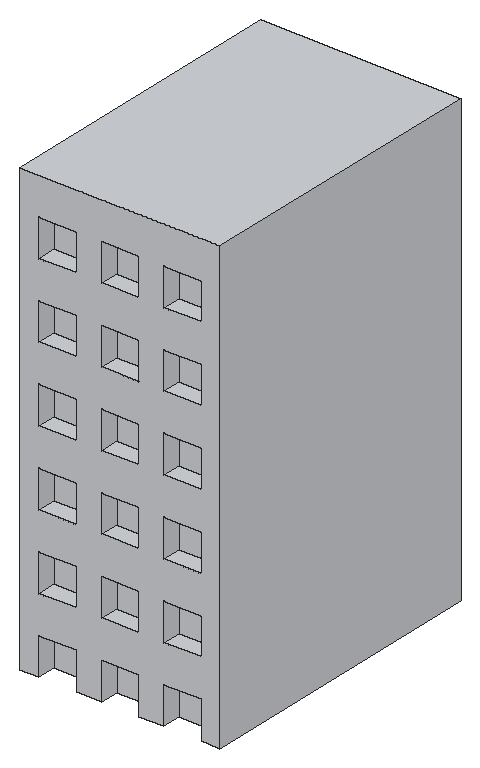
Revit family "House", category Generic Models, Revit 2022
Family settings
  Can host rebar = No
  Round Connector Dimension = Use Diameter
  Part Type = Normal
  Work Plane-Based = Yes
  Always vertical = Yes
  Cut with Voids When Loaded = No
  Maintain Annotation Orientation = No
  Shared = Yes
  Room Calculation Point = No
Parameters
  level_3 [instance] = yes
  level_2 [instance] = level = 2  # no
  level_1 [instance] = level = 1  # no
  level_0 [instance] = level = 0  # yes
  level [instance] = 0
  accent_color [instance] = none
  Default Elevation = 1219.2 mm
Reference planes
  plane 1 "Center (Front/Back)": y = 0
  plane 2: z = 0
  plane 3 "Center (Left/Right)": x = 0
Forms (mm)
  Extrusion 1, solid, material <- "accent_color", visible <- "level_1"
    sketch origin (0, 0, 0) x (1, 0, 0) y (0, 0, 1)
      loop
        line (-400, 0) -> (400, 0) -> (400, 600) -> (0, 1000) -> (-400, 600) -> (-400, 0)
    from -600 to 600
  Extrusion 2, solid, material <- "accent_color", visible <- "level_2"
    sketch origin (0, 0, 0) x (1, 0, 0) y (0, 0, 1)
      loop
        line (-400, 0) -> (400, 0) -> (400, 600) -> (0, 1000) -> (-400, 600) -> (-400, 0)
    from -600 to 600
  Extrusion 3, solid, material <- "accent_color", visible <- "level_2"
    sketch origin (0, 0, 400) x (1, 0, 0) y (0, 0, 1)
      loop
        line (-268.852, 140.207) -> (268.852, 140.207) -> (268.852, 731.148) -> (0, 1000) -> (-268.852, 731.148) -> (-268.852, 140.207)
    from -416.81 to 466.187
  Extrusion 4, solid, material <- "accent_color", visible <- "level_3"
    sketch origin (0, 0, 0) x (1, 0, 0) y (0, 1, 0)
      loop
        line (-400, 600) -> (-400, -600) -> (400, -600) -> (400, 600) -> (-400, 600)
    from 0 to 1800
  Extrusion 5, void
    sketch origin (0, 0, 0) x (1, 0, 0) y (0, 0, 1)
      loop
        line (325, 1650) -> (175, 1650) -> (175, 1500) -> (325, 1500) -> (325, 1650)
      loop
        line (75, 1650) -> (-75, 1650) -> (-75, 1500) -> (75, 1500) -> (75, 1650)
      loop
        line (-175, 1650) -> (-325, 1650) -> (-325, 1500) -> (-175, 1500) -> (-175, 1650)
      loop
        line (325, 1350) -> (175, 1350) -> (175, 1200) -> (325, 1200) -> (325, 1350)
      loop
        line (75, 1350) -> (-75, 1350) -> (-75, 1200) -> (75, 1200) -> (75, 1350)
      loop
        line (-175, 1350) -> (-325, 1350) -> (-325, 1200) -> (-175, 1200) -> (-175, 1350)
      loop
        line (325, 1050) -> (175, 1050) -> (175, 900) -> (325, 900) -> (325, 1050)
      loop
        line (75, 1050) -> (-75, 1050) -> (-75, 900) -> (75, 900) -> (75, 1050)
      loop
        line (-175, 1050) -> (-325, 1050) -> (-325, 900) -> (-175, 900) -> (-175, 1050)
      loop
        line (325, 750) -> (175, 750) -> (175, 600) -> (325, 600) -> (325, 750)
      loop
        line (75, 750) -> (-75, 750) -> (-75, 600) -> (75, 600) -> (75, 750)
      loop
        line (-175, 750) -> (-325, 750) -> (-325, 600) -> (-175, 600) -> (-175, 750)
      loop
        line (325, 450) -> (175, 450) -> (175, 300) -> (325, 300) -> (325, 450)
      loop
        line (75, 450) -> (-75, 450) -> (-75, 300) -> (75, 300) -> (75, 450)
      loop
        line (-175, 450) -> (-325, 450) -> (-325, 300) -> (-175, 300) -> (-175, 450)
      loop
        line (325, 150) -> (175, 150) -> (175, 0) -> (325, 0) -> (325, 150)
      loop
        line (75, 150) -> (-75, 150) -> (-75, 0) -> (75, 0) -> (75, 150)
      loop
        line (-175, 150) -> (-325, 150) -> (-325, 0) -> (-175, 0) -> (-175, 150)
    from 525.061 to 994.163
Cuts and joins
  Extrusion 5 cuts Extrusion 1
  Extrusion 5 cuts Extrusion 2
  Extrusion 5 cuts Extrusion 3
  Extrusion 5 cuts Extrusion 4
Lines and regions (mm)
  model lines, style "property_line", visible <- "level_0"
    curve 1: line (-400, 600, 0) -> (400, 600, 0)
    curve 2: line (-400, -600, 0) -> (-400, 600, 0)
    curve 3: line (400, -600, 0) -> (-400, -600, 0)
    curve 4: line (400, 600, 0) -> (400, -600, 0)
Dimensions and locks
  equal spacing: Extrusion 1 sketch curve, plane 3 "Center (Left/Right)", Extrusion 1 sketch curve
  Extrusion 1 sketch curve to plane 3 "Center (Left/Right)" = 400 mm
  Extrusion 2 sketch curve to Extrusion 2 sketch curve = 800 mm
  Extrusion 3 sketch curve to Extrusion 3 sketch curve = 537.705 mm
  aligned and locked: level to plane 2
